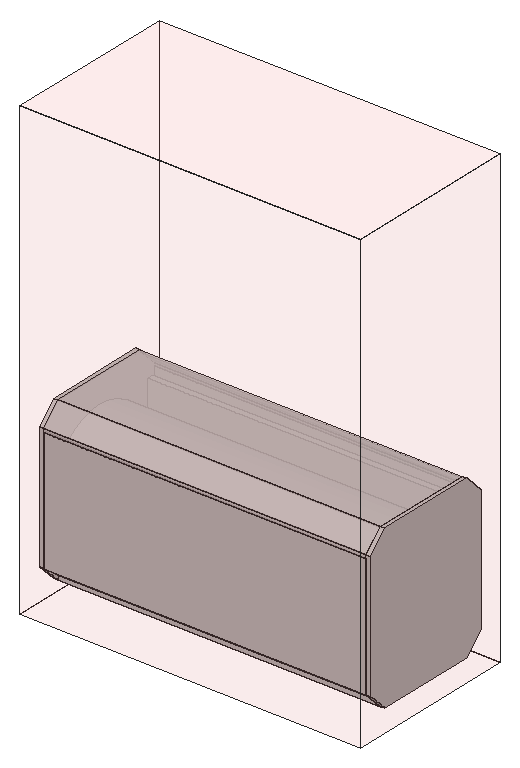
Revit family "Air-Curtain_Insect-Control_PoweredAire_RBT", category Mechanical Equipment, host Face, Revit 2017
Family settings
  Host = Face
  Round Connector Dimension = Use Diameter
  Part Type = Normal
  OmniClass Number = 23.75.35.17.21
  OmniClass Title = Air Curtains
  Cut with Voids When Loaded = No
  Shared = No
  Room Calculation Point = No
Parameters
  Warranty Duration (Years) = 0
  Unit Width Notes = "Other Widths available."  # constant formula
  Unit Width = 3' - 0"
  Unit Weight = 0
  Unit Height = 1' - 3"
  Unit Depth = 1' - 5 1/2"
  URL = "http://www.poweredaire.com/"
  Test Data = ""
  Standards Conformance = "as Specified"
  Specification = "http://www.arcat.com/sdspecs/htm04/23_34_33pai.htm"
  SpecWizard = ""
  Sound Pressure = "as Specified"
  Sales Information = "http://www.poweredaire.com/contact_us"
  Revision = "R1_2016-08"
  Projection from Host [instance] = 0' - 2"
  Product Properties = ""
  Product Data = "http://www.arcat.com/arcatcos/cos47/arc47623.html"
  Power Rating = 0 W
  Nozzle Width = if(1 = 1, Unit Width - 0' 1", 0' 0")  # 2' - 11"
  Mounting Width = if(1 = 1, Unit Width - 0' 0 15/16", 0' 0")  # 2' - 11 1/16"
  Mounting Height [instance] = 3' - 6"
  Motor RPM = 0
  Motor HP = 0
  Motor Count = 0
  Model = "As Specified"
  Max Height = 0' - 0"
  Manufacturer Website = "http://www.poweredaire.com/"
  Manufacturer Phone - Toll Free = "888-321-2473"
  Manufacturer Phone = "724-588-3305"
  Manufacturer Fax = "724-588-3371"
  Manufacturer Address = "109 Mortensen Rd.  Greenville, PA 16125"
  Manufacturer = "Powered Aire, Inc"
  Maintenance Schedule (Months) = 0
  Keynote = "23 34 33"
  Installation-Fabrication = ""
  Installation Phase = ""
  Include Clearance [instance] = yes
  Heating Element Load = 0 W
  HVAC_Temperature Rise = 0 °F
  HVAC_Outlet Volume = 0 CFM
  HVAC_Outlet Velocity Uniformity = 0
  HVAC_Outlet Velocity = 0 FPM
  Green Building-LEED = "http://www.arcat.com/green/clients/leed_data_47623.html"
  Front Grating Material [instance] = Metal - Steel - PoweredAire - Stainless 304 Perforated
  Frame Finish [instance] = Metal - Steel - PoweredAire - Stainless 304
  Expected Lifespan (Years) = 0
  Electrical_Wattage [instance] = Power Rating + Heating Element Load  # 0 W
  Electrical_Voltage [instance] = 0 V
  Electrical_Phase [instance] = 1
  Electrical_Frequency [instance] = 0 Hz
  Electrical_Amperage [instance] = 0 A
  Drawn By = "Sumex Design, Inc. / Robert S. Weygant, CSI, CDT, SCIP"
  Description = "Powered Aire Air Curtain as Specified"
  Default Elevation = 0' - 0"  # constant formula
  Copyright = "©Arcat Inc."
  Construction Details = "http://www.arcat.com/details/powair/prod3336.html"
  Clearance_Top [instance] = 0' - 2"
  Clearance_Side B [instance] = 0' - 0 1/2"
  Clearance_Side A [instance] = 0' - 0 1/2"
  Clearance_Intake [instance] = 2' - 6"
  Clearance_Bottom [instance] = 0' - 2"
  Clearance Material [instance] = ARCAT Clearance
  Building Codes = ""
  Available Options [instance] = "as Specified"
  Assembly Code = "D3090400"
Reference planes (in)
  plane 1 "Center (Elevation)": y = 0.13818
  plane 2: z = 0
  plane 3 "Center (Left/Right)": x = 0
  plane 4: y = 7.63818
  plane 5: y = -7.36182
  plane 6: x = -18
  plane 7: x = 18
  plane 8: z = 19.5
  plane 9 "FF": y = -41.86182
  plane 10: z = 2
  plane 11: x = 17.5
  plane 12: x = -17.5
  plane 13: y = 9.63818
  plane 14: y = -9.36182
  plane 15: x = -18.5
  plane 16: x = 18.5
  plane 17: z = 49.5
Forms (in)
  Extrusion 1, solid, material "Metal - Steel - PoweredAire - Stainless 304" <- "Frame Finish"
    sketch origin (0, 0, 0) x (0, 1, 0) y (0, 0, 1)
      loop
        line (5.69363, 2) -> (7.63818, 3.94454) -> (7.63818, 17.55546) -> (5.69363, 19.5) -> (-5.41728, 19.5) -> (-7.36182, 17.55546) -> (-7.36182, 3.94454) -> (-5.41728, 2) -> (5.69363, 2)
    from 17.5 to 18
  Extrusion 2, solid, material "Metal - Steel - PoweredAire - Stainless 304" <- "Frame Finish"
    sketch origin (0, 0, -0.5) x (0, 1, 0) y (0, 0, 1)
      loop
        circle (0.13818, 10.9739) r 6.25
      loop
        line (6.63818, 16.89427) -> (6.63818, 5.87829) -> (7.33849, 5.87829) -> (7.33849, 16.89427) -> (6.63818, 16.89427)
      loop
        line (-7.02798, 16.76927) -> (-7.02798, 5.75329) -> (-6.36182, 5.75329) -> (-6.36182, 16.76927) -> (-7.02798, 16.76927)
    from -17.5 to 17.5
  Extrusion 3, solid, material "Metal - Steel - PoweredAire - Stainless 304" <- "Frame Finish"
    sketch origin (0, 0, 0) x (0, 1, 0) y (0, 0, -1)
      loop
        line (5.69363, -2) -> (-5.41728, -2) -> (-7.36182, -3.94454) -> (-7.36182, -17.55546) -> (-5.41728, -19.5) -> (5.69363, -19.5) -> (7.63818, -17.55546) -> (7.63818, -3.94454) -> (5.69363, -2)
    from 17.5 to 18
  Extrusion 4, solid, material "Metal - Steel - PoweredAire - Stainless 304" <- "Frame Finish"
    sketch origin (0, 0, 0) x (0, 1, 0) y (0, 0, 1)
      loop
        line (-5.41728, 2) -> (5.69363, 2) -> (7.63818, 3.94454) -> (7.63818, 17.19454) -> (7.51318, 17.19454) -> (7.51318, 3.99632) -> (5.64186, 2.125) -> (-5.29228, 2.125) -> (-5.29228, 4.06954) -> (-7.23682, 4.06954) -> (-7.23682, 17.19454) -> (-7.36182, 17.19454) -> (-7.36182, 3.94454) -> (-5.41728, 3.94454) -> (-5.41728, 2)
      loop
        line (-6.64819, 3.61034) -> (-5.8702, 2.83235) -> (-5.74472, 2.95783) -> (-6.52271, 3.73583) -> (-6.64819, 3.61034)
    from -17.5 to 17.5
  Extrusion 5, solid, material "Metal - Steel - PoweredAire - Stainless 304 Perforated" <- "Front Grating Material"
    sketch origin (0, 0, 0) x (0, 1, 0) y (0, 0, 1)
      loop
        line (-7.36182, 17.19454) -> (-7.23682, 17.19454) -> (-7.23682, 17.50368) -> (-5.3655, 19.375) -> (5.64186, 19.375) -> (7.51318, 17.50368) -> (7.51318, 17.19454) -> (7.63818, 17.19454) -> (7.63818, 17.55546) -> (5.69363, 19.5) -> (-5.41728, 19.5) -> (-7.36182, 17.55546) -> (-7.36182, 17.19454)
    from -17.5 to 17.5
  Extrusion 6, solid, material "ARCAT Clearance" <- "Clearance Material", visible <- "Include Clearance"
    sketch origin (0, 0, 0) x (0, 1, 0) y (0, 0, 1)
      loop
        line (-9.36182, 49.5) -> (-9.36182, 0) -> (9.63818, 0) -> (9.63818, 49.5) -> (-9.36182, 49.5)
    from -18.5 to 18.5
Dimensions and locks (in)
  equal spacing: plane 4, plane 1 "Center (Elevation)", plane 5
  "Unit Height": plane 4 to plane 5
  equal spacing: plane 6, plane 3 "Center (Left/Right)", plane 7
  "Unit Width": plane 6 to plane 7
  "Mounting Height": plane 1 "Center (Elevation)" to plane 9 "FF"
  "Projection from Host": plane 10 to level
  "Unit Depth": plane 8 to plane 10
  locked: plane 6 to plane 12 at 0.5
  locked: plane 11 to plane 7 at 0.5
  "Clearance_Side A": plane 7 to plane 16
  "Clearance_Side B": plane 15 to plane 6
  "Clearance_Top": plane 13 to plane 4
  "Clearance_Bottom": plane 5 to plane 14
  "Clearance_Intake": plane 17 to plane 8
  aligned and locked: plane 2 to host face
  aligned and locked: level to host face
  aligned and locked: plane 7 to Extrusion 1
  aligned and locked: Extrusion 1 to plane 11
  aligned and locked: plane 12 to Extrusion 3
  aligned and locked: Extrusion 3 to plane 6
  aligned and locked: Extrusion 2 to plane 12
  aligned and locked: plane 11 to Extrusion 2
  aligned and locked: plane 11 to Extrusion 4
  aligned and locked: Extrusion 4 to plane 12
  aligned and locked: plane 11 to Extrusion 5
  aligned and locked: Extrusion 5 to plane 12
  aligned and locked: Extrusion 6 sketch curve to plane 17
  aligned and locked: plane 14 to Extrusion 6 sketch curve
  aligned and locked: level to Extrusion 6 sketch curve
  aligned and locked: Extrusion 6 sketch curve to plane 13
  aligned and locked: plane 16 to Extrusion 6
  aligned and locked: Extrusion 6 to plane 15
Automatic sketch dimensions
  host sketch curve to host sketch curve = 8' - 0"  (x2)
  Extrusion 1 sketch curve to plane 5 = 0' - 0"
  Extrusion 1 sketch curve to plane 8 = 0' - 0"
  Extrusion 1 sketch curve to plane 10 = 0' - 0"
  Extrusion 1 sketch curve to plane 4 = 0' - 0"
  plane 5 to Extrusion 1 sketch curve = 0' - 1.94454"  (x2)
  Extrusion 1 sketch curve to plane 4 = 0' - 1.94454"  (x2)
  plane 10 to Extrusion 1 sketch curve = 0' - 1.94454"  (x2)
  Extrusion 1 sketch curve to plane 8 = 0' - 1.94454"  (x2)
  Extrusion 2 sketch curve to plane 1 "Center (Elevation)" = 0' - 0"
  plane 5 to Extrusion 2 sketch curve = 0' - 1"
  plane 5 to Extrusion 2 sketch curve = 0' - 0.33384"
  Extrusion 2 sketch curve to plane 4 = 0' - 1"
  Extrusion 2 sketch curve to plane 4 = 0' - 0.29969"
  plane 10 to Extrusion 2 sketch curve = 0' - 3.37829"
  plane 10 to Extrusion 2 sketch curve = 0' - 3.25329"
  Extrusion 2 sketch curve to plane 8 = 0' - 9.0261"
  Extrusion 2 sketch curve to plane 8 = 0' - 3.23073"
  Extrusion 2 sketch curve to plane 8 = 0' - 3.10573"
  Extrusion 3 sketch curve to plane 5 = 0' - 0"
  Extrusion 3 sketch curve to plane 8 = 0' - 0"
  Extrusion 3 sketch curve to plane 10 = 0' - 0"
  Extrusion 3 sketch curve to plane 4 = 0' - 0"
  plane 5 to Extrusion 3 sketch curve = 0' - 1.94454"  (x2)
  Extrusion 3 sketch curve to plane 4 = 0' - 1.94454"  (x2)
  Extrusion 3 sketch curve to plane 8 = 0' - 1.94454"  (x2)
  plane 10 to Extrusion 3 sketch curve = 0' - 1.94454"  (x2)
  Extrusion 4 sketch curve to plane 5 = 0' - 0"
  Extrusion 4 sketch curve to plane 10 = 0' - 0"
  Extrusion 4 sketch curve to plane 4 = 0' - 0"
  plane 5 to Extrusion 4 sketch curve = 0' - 0 1/8"
  plane 5 to Extrusion 4 sketch curve = 0' - 0.71363"
  Extrusion 4 sketch curve to Extrusion 4 sketch curve = 0' - 0.12548"  (x2)
  Extrusion 4 sketch curve to Extrusion 4 sketch curve = 0' - 0.778"
  Extrusion 4 sketch curve to Extrusion 4 sketch curve = 0' - 0.32744"
  Extrusion 4 sketch curve to Extrusion 4 sketch curve = 0' - 0 1/8"  (x2)
  plane 10 to Extrusion 4 sketch curve = 0' - 0 1/8"
  Extrusion 4 sketch curve to plane 4 = 0' - 1.99632"
  Extrusion 4 sketch curve to Extrusion 4 sketch curve = 0' - 0.05178"  (x2)
  plane 10 to Extrusion 4 sketch curve = 0' - 0.83235"
  plane 10 to Extrusion 4 sketch curve = 0' - 1.94454"
  Extrusion 4 sketch curve to Extrusion 4 sketch curve = 0' - 0.3342"
  Extrusion 4 sketch curve to plane 4 = 0' - 0 1/8"
  Extrusion 4 sketch curve to plane 8 = 0' - 2.30546"  (x2)
  Extrusion 5 sketch curve to plane 5 = 0' - 0"
  Extrusion 5 sketch curve to plane 8 = 0' - 0"
  Extrusion 5 sketch curve to plane 4 = 0' - 0"
  plane 5 to Extrusion 5 sketch curve = 0' - 0 1/8"
  plane 5 to Extrusion 5 sketch curve = 0' - 1.94454"
  Extrusion 5 sketch curve to plane 8 = 0' - 0 1/8"
  Extrusion 5 sketch curve to Extrusion 5 sketch curve = 0' - 0.05178"  (x4)
  Extrusion 5 sketch curve to plane 4 = 0' - 1.99632"
  Extrusion 5 sketch curve to plane 8 = 0' - 1.94454"  (x2)
  Extrusion 5 sketch curve to Extrusion 5 sketch curve = 0' - 0 1/8"
  Extrusion 5 sketch curve to Extrusion 5 sketch curve = 0' - 0.30914"  (x2)
  radius of Extrusion 2 sketch curve = 0' - 6 1/4"
Connectors (in)
  electrical at (0, 7.63818, 10.56954), driven by "Electrical_Phase", driven by "Electrical_Voltage"
    settings: on Extrusion 4, index 1, voltage 0 V, apparent load 0 VA, apparent load phase1 0 VA, apparent load phase2 0 VA, apparent load phase3 0 VA, power factor 1, load classification "Motor", number of poles 1, system type 31, power factor state 1, is connector primary yes, connector utility no, sub classification motor no, connector description ""
